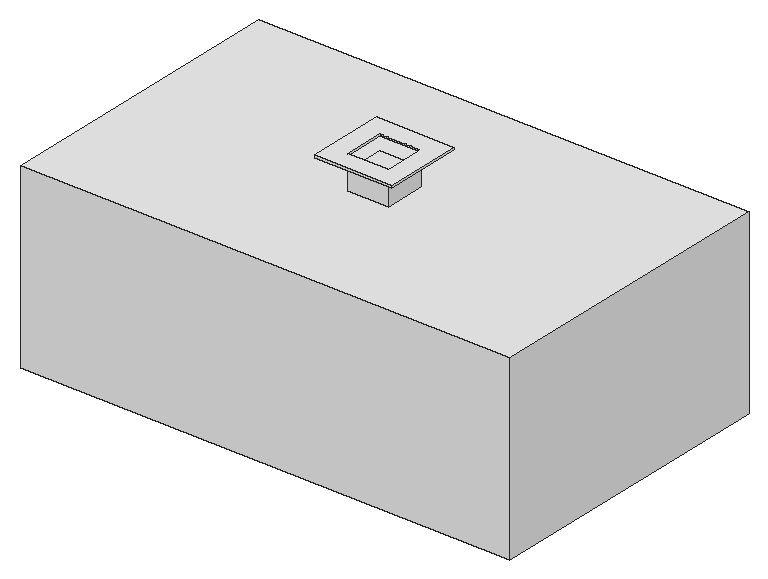
Revit family "Lighting-Recessed-Lucifer-A2SP", category Lighting Fixtures, host Face, Revit 2017
Family settings
  Host = Face
  Round Connector Dimension = Use Diameter
  Part Type = Normal
  Cut with Voids When Loaded = No
  Light Source = Yes
  Shared = No
  Room Calculation Point = No
Parameters
  Wattage = 9.2903 W
  built-in parameter 1150110 = 1 (stored number, unit not read)
  Voltage = 0 V
  URL = "http://www.luciferlighting.com/"
  Trim = 2.02"
  built-in parameter 1114217 = 1 (stored number, unit not read)
  Tilt Angle = -90.00°
  built-in parameter 1150109 = 1 (stored number, unit not read)
  built-in parameter 1150134 = 3
  built-in parameter 1150113 = 1 (stored number, unit not read)
  Power Factor = 1
  Photometric Web File = "Load File"
  Number of Poles = 1
  built-in parameter 1150142 = (empty or 0)
  Model = "A2SP"
  Manufacturer = "Lucifer Lighting"
  built-in parameter 1150105 = 109.82 (stored number, unit not read)
  Lumens = 1380 lm
  built-in parameter 1150115 = 1 (stored number, unit not read)
  built-in parameter 1150137 = (empty or 0)
  built-in parameter 1150139 = (empty or 0)
  built-in parameter 1150112 = 1 (stored number, unit not read)
  built-in parameter 1150114 = 1 (stored number, unit not read)
  Lamp = "LED"
  built-in parameter 1150132 = (empty or 0)
  built-in parameter 1150102 = (empty or 0)
  built-in parameter 1150107 = 3200 (stored number, unit not read)
  built-in parameter 1150138 = (empty or 0)
  built-in parameter 1150106 = 1.0982 (stored number, unit not read)
  Housing Width = 7.75"
  Housing Length = 12.75"
  Housing Height = 5.52"
  Emit from Rectangle Width = 1.00"
  Emit from Rectangle Length = 1.00"
  Emit Shape Visible in Rendering = no
  built-in parameter 1150104 = 13.8 (stored number, unit not read)
  Dimming Lamp Color Temperature Shift = <None>
  Description = "Recessed Adjustable"
  Default Elevation = 48.00"
  Color Filter = 16777215
  built-in parameter 1114218 = 1 (stored number, unit not read)
  built-in parameter 1150133 = 10 (stored number, unit not read)
  Apparent Load = 0 VA
Reference planes (in)
  plane 1 "Center (Front/Back)": y = 0
  plane 2: z = 0
  plane 3 "Center (Left/Right)": x = 0
  plane 4: y = 3.875
  plane 5: y = -3.875
  plane 6: z = -5.52
  plane 7: y = 3.875
  plane 8: y = -3.875
  plane 9: x = 6.375
  plane 10: x = -6.375
Forms (in)
  Extrusion 1, solid, material "Housing"
    sketch origin (0, 0, 0) x (1, 0, 0) y (0, 1, 0)
      loop
        line (-6.375, 3.875) -> (-6.375, -3.875) -> (6.375, -3.875) -> (6.375, 3.875) -> (-6.375, 3.875)
    from -5.52 to -0.8255
  Extrusion 2, solid, material "Trim Finish"
    sketch origin (0, 0, 0) x (1, 0, 0) y (0, 1, 0)
      loop
        line (-1.01, 1.01) -> (-1.01, -1.01) -> (1.01, -1.01) -> (1.01, 1.01) -> (-1.01, 1.01)
    from 0 to 0.05232
  Extrusion 3, void
    sketch origin (0, 0, 0) x (1, 0, 0) y (0, 1, 0)
      loop
        line (-0.53, 0.53) -> (-0.53, -0.53) -> (0.53, -0.53) -> (0.53, 0.53) -> (-0.53, 0.53)
    from -0.8255 to 0.05232
  Extrusion 4, solid, material "Housing"
    sketch origin (0, 0, 0) x (1, 0, 0) y (0, 1, 0)
      loop
        line (-0.53, 0.53) -> (-0.53, -0.53) -> (0.53, -0.53) -> (0.53, 0.53) -> (-0.53, 0.53)
    from -0.8255 to 0
  Extrusion 5, void
    sketch origin (0, 0, 0) x (1, 0, 0) y (0, 1, 0)
      loop
        line (-0.53, 0.53) -> (-0.53, -0.53) -> (0.53, -0.53) -> (0.53, 0.53) -> (-0.53, 0.53)
    from -0.34741 to 0.05232
Cuts and joins
  Extrusion 5 cuts Extrusion 2
  Extrusion 5 cuts Extrusion 4
Dimensions and locks (in)
  equal spacing: plane 4, plane 1 "Center (Front/Back)", plane 5
  "Housing Width": plane 4 to plane 5
  "Housing Height": host face to plane 6
  equal spacing: plane 10, plane 3 "Center (Left/Right)", plane 9
  "Housing Length": plane 10 to plane 9
  equal spacing: plane 7, plane 1 "Center (Front/Back)", plane 8
  "Housing Width": plane 7 to plane 8
  plane 1 "Center (Front/Back)" to Extrusion 1 = 3.875"
  equal spacing: Extrusion 2 sketch curve, plane 1 "Center (Front/Back)", Extrusion 2 sketch curve
  "Trim": Extrusion 2 sketch curve to Extrusion 2 sketch curve  (x2)
  equal spacing: Extrusion 2 sketch curve, plane 3 "Center (Left/Right)", Extrusion 2 sketch curve
  aligned and locked: plane 2 to host face
  aligned and locked: level to host face
  aligned and locked: Extrusion 1 sketch curve to plane 4
  aligned and locked: plane 5 to Extrusion 1 sketch curve
  aligned and locked: Extrusion 3 to Extrusion 1
  aligned and locked: Extrusion 2 to Extrusion 3
  aligned and locked: Extrusion 4 to Extrusion 1
  aligned and locked: Extrusion 1 to plane 6
  aligned and locked: plane 9 to Extrusion 1
  aligned and locked: level to Extrusion 4
Automatic sketch dimensions
  host sketch curve to host sketch curve = 96.00"  (x2)
  Extrusion 4 sketch curve to plane 3 "Center (Left/Right)" = 0.53"
  plane 3 "Center (Left/Right)" to Extrusion 4 sketch curve = 0.53"
  plane 1 "Center (Front/Back)" to Extrusion 4 sketch curve = 0.53"
  Extrusion 4 sketch curve to plane 1 "Center (Front/Back)" = 0.53"
  Extrusion 1 sketch curve to plane 10 = 0.00"
  Extrusion 1 sketch curve to plane 9 = 0.00"
  Extrusion 3 sketch curve to plane 3 "Center (Left/Right)" = 0.53"
  plane 3 "Center (Left/Right)" to Extrusion 3 sketch curve = 0.53"
  plane 1 "Center (Front/Back)" to Extrusion 3 sketch curve = 0.53"
  Extrusion 3 sketch curve to plane 1 "Center (Front/Back)" = 0.53"
  Extrusion 5 sketch curve to plane 3 "Center (Left/Right)" = 0.53"
  plane 3 "Center (Left/Right)" to Extrusion 5 sketch curve = 0.53"
  plane 1 "Center (Front/Back)" to Extrusion 5 sketch curve = 0.53"
  Extrusion 5 sketch curve to plane 1 "Center (Front/Back)" = 0.53"
Connectors (in)
  electrical at (0, 0, -5.52), driven by "Number of Poles", driven by "Voltage", driven by "Apparent Load", driven by "Power Factor"
    settings: on Extrusion 1, index 1, voltage 0 V, apparent load 0 VA, apparent load phase1 0 VA, apparent load phase2 0 VA, apparent load phase3 0 VA, power factor 1, load classification "Other", number of poles 1, system type 31, power factor state 1, is connector primary yes, connector utility no, sub classification motor no, connector description "Power"
